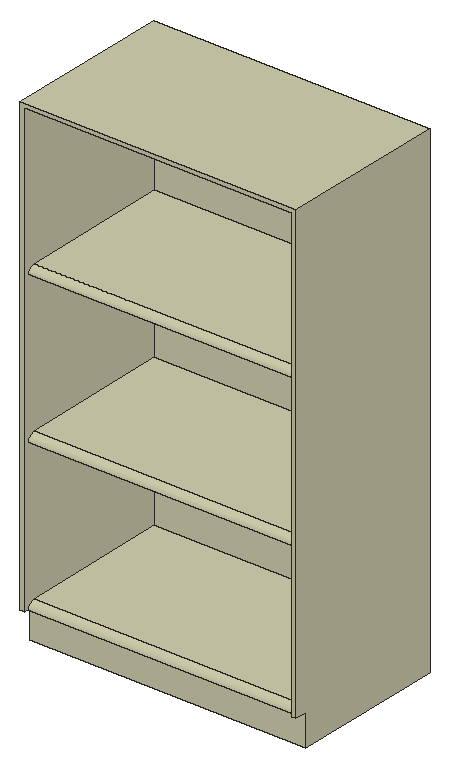
Revit family "Wenger Cabinet 12", category Furniture, Revit 2011
Parameters (values of type "Standard Cabinet #12")
  URL = "http://www.wengercorp.com/Home/Contact.html"
  Toekick Material [instance] = none
  RH End Panel [instance] = no
  Model = "12"
  Manufacturer = "Wenger Corporation"
  LH End Panel [instance] = no
  End Panel Material [instance] = none
  Edge Banding Material [instance] = none
  Door Material [instance] = none
  Description = "Standard Cabinet #12"
  Cabinet Width = 4' - 0 1/2"
  Cabinet Label = Labels : Standard
  Cabinet Height = 7' - 1 5/8"
  Cabinet Depth = 2' - 5 1/4"
  Cabinet Back Thickness = 0' - 0 3/4"
  Assembly Code = ""
Types (2): name | Model | Description | Cabinet Label | Cabinet Depth | Cabinet Back Thickness
  Standard Cabinet #12 | "12" | "Standard Cabinet #12" | Labels : Standard | 2' - 5 1/4" | 0' - 0 3/4"
  Acoustic Cabinet #12 | "12A" | "Acoustic Cabinet #12" | Labels : Acoustic | 2' - 7 3/4" | 0' - 3 1/4"
Reference planes (in)
  plane 1 "Front": y = 0
  plane 2: z = 0
  plane 3 "Left": x = 0
  plane 4 "Right": x = 48.5
  plane 5 "Back": y = 29.25
  plane 6 "Top": z = 85.625
  plane 7: z = 5.625
  plane 8: z = 32.04167
  plane 9: z = 58.45833
  plane 10: x = 0.75
  plane 11: x = 47.75
  plane 12: z = 84.875
  plane 13: y = 28.5
  plane 14: y = 2
  plane 15: y = 0.75
  plane 16: z = 33.16667
  plane 17: z = 59.58333
  plane 18: z = 6.75
Forms (in)
  Extrusion 1, solid, material "Wenger - Oyster"
    sketch origin (0, 0, 0) x (0, 1, 0) y (0, 0, 1)
      loop
        line (0, 85.625) -> (0, 5.625) -> (2, 5.625) -> (2, 0) -> (29.25, 0) -> (29.25, 85.625) -> (0, 85.625)
    from 0 to 48.5
  Extrusion 2, void
    sketch origin (0, 0, 0) x (0, 1, 0) y (0, 0, 1)
      loop
        line (-5.5, 84.875) -> (-5.5, 5.625) -> (0.75, 5.625)
        arc (0.75, 5.625) -> (1.18296, 6.40088) -> (2, 6.75) r 1.375
        line (2, 6.75) -> (28.5, 6.75) -> (28.5, 32.04167) -> (0.75, 32.04167)
        arc (0.75, 32.04167) -> (1.18296, 32.81754) -> (2, 33.16667) r 1.375
        line (2, 33.16667) -> (28.5, 33.16667) -> (28.5, 58.45833) -> (0.75, 58.45833)
        arc (0.75, 58.45833) -> (1.18296, 59.23421) -> (2, 59.58333) r 1.375
        line (2, 59.58333) -> (28.5, 59.58333) -> (28.5, 84.875) -> (-5.5, 84.875)
    from 0.75 to 47.75
Cuts and joins
  Extrusion 2 cuts Extrusion 1
Lines and regions (in)
  symbolic lines
    curve 1: line (0, 29.25, 0) -> (48.5, 29.25, 0)
    curve 2: line (0, 0, 0) -> (0, 29.25, 0)
    curve 3: line (48.5, 0, 0) -> (0, 0, 0)
    curve 4: line (48.5, 29.25, 0) -> (48.5, 0, 0)
Dimensions and locks (in)
  locked: plane 3 "Left" to plane 10 at 0.75
  locked: plane 11 to plane 4 "Right" at 0.75
  "Cabinet Back Thickness": plane 5 "Back" to plane 13
  locked: plane 1 "Front" to plane 15 at 0.75
  locked: plane 1 "Front" to plane 14 at 2
  locked: plane 16 to plane 8 at 1.125
  locked: plane 17 to plane 9 at 1.125
  locked: plane 6 "Top" to plane 12 at 0.75
  equal spacing: plane 12, plane 9, plane 8, plane 7
  locked: plane 18 to plane 7 at 1.125
  plane 11 to plane 3 "Left" = 3' - 11 3/4"
  "Cabinet Width": plane 3 "Left" to plane 4 "Right"
  locked: plane 7 to level at 5.625
  "Cabinet Height": plane 6 "Top" to level
  "Cabinet Depth": plane 1 "Front" to plane 5 "Back"
  plane 10 to plane 11 = 3' - 11"
  plane 12 to plane 7 = 6' - 7 1/4"
  aligned and locked: Extrusion 1 sketch curve to plane 6 "Top"
  aligned and locked: Extrusion 1 sketch curve to plane 5 "Back"
  aligned and locked: Extrusion 1 sketch curve to plane 1 "Front"
  aligned and locked: Extrusion 1 sketch curve to plane 7
  aligned and locked: Extrusion 1 sketch curve to plane 14
  aligned and locked: Extrusion 1 sketch curve to level
  aligned and locked: Extrusion 1 to plane 4 "Right"
  aligned and locked: Extrusion 1 to plane 3 "Left"
  aligned and locked: Extrusion 2 sketch curve to plane 12
  aligned and locked: Extrusion 2 sketch curve to plane 17
  aligned and locked: Extrusion 2 sketch curve to plane 9
  aligned and locked: Extrusion 2 sketch curve to plane 16
  aligned and locked: Extrusion 2 sketch curve to plane 8
  aligned and locked: Extrusion 2 sketch curve to plane 18
  aligned and locked: Extrusion 2 to plane 10
  aligned and locked: plane 3 "Left" to curve 2
  aligned and locked: curve 1 to plane 5 "Back"
  aligned and locked: plane 4 "Right" to curve 4
  aligned and locked: curve 3 to plane 1 "Front"
  aligned and locked: Extrusion 2 to plane 11
Automatic sketch dimensions
  Extrusion 2 sketch curve to plane 7 = 0' - 0"
  Extrusion 2 sketch curve to plane 15 = 0' - 0"  (x3)
  Extrusion 2 sketch curve to plane 14 = 0' - 0"  (x3)
  Extrusion 2 sketch curve to plane 13 = 0' - 0"  (x3)
  plane 1 "Front" to Extrusion 2 sketch curve = 0' - 5 1/2"
  Extrusion 2 sketch curve to plane 14 = 0' - 0.10279"  (x3)
Nested families (in)
  nested 1: "LH End Panel" at (0, 14.25, 0) x (0, -1, 0) z (0, 0, 1), End Panel Material <- "End Panel Material", visible <- "LH End Panel", Edge Banding Material <- "Edge Banding Material", type "20x84 LH"
    with End Panel Material none, Edge Banding Material none, End Panel Depth 2' - 5 1/4"
  nested 2: "RH End Panel" at (49.25, 14.25, 0) x (0, -1, 0) z (0, 0, 1), End Panel Material <- "End Panel Material", visible <- "RH End Panel", Edge Banding Material <- "Edge Banding Material", type "20x84 RH"
    with End Panel Material none, Edge Banding Material none, End Panel Depth 2' - 5 1/4"
  nested 3: "Labels" at (22.96671, 14.48082, 0), type <- "Cabinet Label", type "Standard"
  nested 4: "Front Note" at (23.36339, 0.75, 0), type "Standard", detail levels medium+fine
Definition of nested family "LH End Panel"
  Parameters (values of type "20x84 LH")
    End Panel Material [instance] = none
    End Panel Height = 7' - 1 5/8"
    End Panel Depth = 1' - 7 1/4"
    Edge Banding Material [instance] = none
    Default Elevation = 4' - 0"
    Assembly Code = ""
  Reference planes (in)
    plane 1 "Center (Front/Back)": y = 0
    plane 2: z = 0
    plane 3 "Center (Left/Right)": x = 0
    plane 4: x = -15
    plane 5: x = 4.25
    plane 6: z = 5.625
    plane 7: x = 2.25
    plane 8: z = 85.625
    plane 9: y = -0.75
  Forms (in)
    Extrusion 1, solid, material <- "End Panel Material"
      sketch origin (0, 0, 0) x (1, 0, 0) y (0, 0, 1)
        loop
          line (-15, 85.625) -> (-15, 0) -> (2.25, 0) -> (2.25, 5.625) -> (4.25, 5.625) -> (4.25, 85.625) -> (-15, 85.625)
      from 0 to 0.75
  Dimensions and locks (in)
    locked: plane 7 to plane 5 at 2
    locked: plane 6 to level at 5.625
    "End Panel Height": plane 8 to level
    "End Panel Depth": plane 5 to plane 4
    locked: plane 9 to plane 1 "Center (Front/Back)" at 0.75
    aligned and locked: plane 4 to Extrusion 1 sketch curve
    aligned and locked: level to Extrusion 1 sketch curve
    aligned and locked: plane 7 to Extrusion 1 sketch curve
    aligned and locked: plane 6 to Extrusion 1 sketch curve
    aligned and locked: Extrusion 1 sketch curve to plane 5
    aligned and locked: Extrusion 1 sketch curve to plane 8
    aligned and locked: Extrusion 1 to plane 9
    aligned and locked: Extrusion 1 to plane 1 "Center (Front/Back)"
Definition of nested family "RH End Panel"
  Parameters (values of type "20x84 RH")
    End Panel Material [instance] = none
    End Panel Height = 7' - 1 5/8"
    End Panel Depth = 1' - 7 1/4"
    Edge Banding Material [instance] = none
    Default Elevation = 4' - 0"
    Assembly Code = ""
  Reference planes (in)
    plane 1 "Center (Front/Back)": y = 0
    plane 2: z = 0
    plane 3 "Center (Left/Right)": x = 0
    plane 4: x = -15
    plane 5: x = 4.25
    plane 6: z = 5.625
    plane 7: x = 2.25
    plane 8: z = 85.625
    plane 9: y = -0.75
  Forms (in)
    Extrusion 1, solid, material <- "End Panel Material"
      sketch origin (0, 0, 0) x (1, 0, 0) y (0, 0, 1)
        loop
          line (-15, 85.625) -> (-15, 0) -> (2.25, 0) -> (2.25, 5.625) -> (4.25, 5.625) -> (4.25, 85.625) -> (-15, 85.625)
      from 0 to 0.75
  Dimensions and locks (in)
    locked: plane 7 to plane 5 at 2
    locked: plane 6 to level at 5.625
    "End Panel Height": plane 8 to level
    "End Panel Depth": plane 5 to plane 4
    locked: plane 9 to plane 1 "Center (Front/Back)" at 0.75
    aligned and locked: plane 4 to Extrusion 1 sketch curve
    aligned and locked: level to Extrusion 1 sketch curve
    aligned and locked: plane 7 to Extrusion 1 sketch curve
    aligned and locked: plane 6 to Extrusion 1 sketch curve
    aligned and locked: Extrusion 1 sketch curve to plane 5
    aligned and locked: Extrusion 1 sketch curve to plane 8
    aligned and locked: Extrusion 1 to plane 9
    aligned and locked: Extrusion 1 to plane 1 "Center (Front/Back)"
Definition of nested family "Labels"
  Parameters (values of type "Standard")
    Cabinet Label = "01"
  Types (4): name | Cabinet Label
    Standard | "01"
    Narrow | "01N"
    Narrow Acoustic | "01NA"
    Acoustic | "01A"
  Reference planes (in)
    plane 1: y = 0
    plane 2: x = 0
  Text (in)
    label "xxxx" at (-0.00018, 0.00754, 0), shows "Cabinet Label"
Definition of nested family "Front Note"
  Parameters (values of type "Front Note")
    Cabinet Label = "Front"
  Reference planes (in)
    plane 1: y = 0
    plane 2: x = 0
  Text (in)
    label "Front" at (-0.00018, 0.00754, 0), shows "Cabinet Label"
